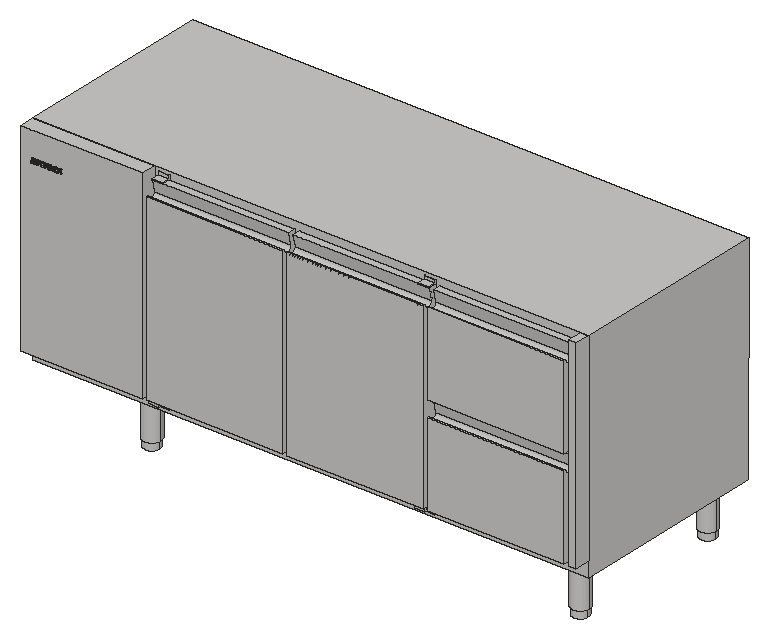
Revit family "QF_ALPENINOX_712201_AK3F7AAB", category Specialty Equipment, Revit 2018
Family settings
  Round Connector Dimension = Use Diameter
  Part Type = Normal
  Work Plane-Based = No
  Always vertical = Yes
  Cut with Voids When Loaded = No
  Shared = No
  Room Calculation Point = No
Parameters
  Weight = 0.00 kg
  Watts = 45.5225 W
  Volts = 220 V
  URL Manufacturer = "http://www.alpeninox.com"
  URL = "http://www.alpeninox.com"
  Steam Supply Size = 0 mm
  Steam Supply Minimum Pressure = 0.0 Pa
  Steam Supply Maximum Pressure = 0.0 Pa
  Steam Pounds per Hour = 0
  Refrigeration Suction Line Size = 0 mm
  Refrigeration Liquid Line Size = 0 mm
  Refrigerant Compressor Remote = yes
  Manufacturer = "Alpeninox"
  Phase = 1
  Model = "AK3F7AAB"
  Length Actual = 1795 mm  # constant formula
  Length = 1795 mm
  Item Number = "712201"
  Hot Water Size = 0 mm
  Height Actual = 850 mm  # constant formula
  Height = 700 mm
  HP = "0.7 HP"
  Gas Size = 0 mm
  Gas KW = 0
  Gas Input Pressure = 0 W
  Depth Actual = 700 mm  # constant formula
  Depth = 695 mm
  Description = "2 DOOR+2x½ DRAWER FREEZER TABLE -20C NO TOP"
  Cycle = 50 Hz
  Condensate Return Size = 0 mm
  Compressed Air Volume = 0.0 L/s
  Compressed Air Size = 0 mm
  Compressed Air Pressure = 0.0 Pa
  Cold Water Size = 0 mm
  Accessory = yes
Reference planes
  plane 1: z = 0
  plane 2 "Center (Left/Right)": x = -126.5
  plane 3 "Center (Front/Back)": y = 64.5
  plane 4 "FEET": z = 150
  plane 5 "TOP": z = 900
  plane 6 "PLAIN": z = 850
  plane 7 "EI_back": y = 359
  plane 8 "EI_left": x = -958
  plane 9 "BACK": y = 412
  plane 10 "FRONT": y = -283
  plane 11 "DOOR": y = -233
  plane 12 "LEFT": x = -1024
  plane 13 "RIGHT": x = 771
  plane 14: x = -999
  plane 15: x = 746
Forms (mm)
  Extrusion 1, solid, material "QF_Finishes_Stainless Steel"
    sketch origin (-1022.223, -1524, 150) x (-1, 0, 0) y (0, -1, 0)
      loop
        circle (-64.223, -1883) r 5
    from 0 to -40
  Extrusion 2, solid, material "QF_Finishes_Stainless Steel"
    sketch origin (-1022.223, -1524, 150) x (-1, 0, 0) y (0, -1, 0)
      loop
        line (-1768.223, -1291) -> (-1768.223, -1241) -> (-1793.223, -1241) -> (-1793.223, -1291) -> (-1768.223, -1291)
    from 48 to 700 <- "Height"
  Extrusion 3, solid, material "QF_Finishes_Stainless Steel"
    sketch origin (-1022.223, -1524, 150) x (-1, 0, 0) y (0, -1, 0)
      loop
        line (1.777, -1936) -> (1.777, -1291) -> (-1793.223, -1291) -> (-1793.223, -1936) -> (1.777, -1936)
    from 0 to 700 <- "Height"
Lines and regions (mm)
  symbolic lines, style "SpecialityEquipmentHiddenLines"
    curve 1: line (-1024, 412, 150) -> (771, 412, 150)
    curve 2: line (-1024, -283, 150) -> (-1024, 412, 150)
    curve 3: line (771, -283, 150) -> (-1024, -283, 150)
    curve 4: line (771, 412, 150) -> (771, -283, 150)
    curve 5: line (-1024, -233, 150) -> (771, -233, 150)
    curve 6: line (746, -283, 150) -> (746, -233, 150)
Dimensions and locks
  plane 4 "FEET" to level = 150 mm
  plane 11 "DOOR" to plane 10 "FRONT" = 50 mm
  "Height": plane 6 "PLAIN" to plane 4 "FEET"
  plane 5 "TOP" to plane 6 "PLAIN" = 50 mm
  plane 12 "LEFT" to plane 14 = 25 mm
  plane 15 to plane 13 "RIGHT" = 25 mm
  plane 9 "BACK" to plane 7 "EI_back" = 53 mm
  plane 12 "LEFT" to plane 8 "EI_left" = 66 mm
  "Length": plane 12 "LEFT" to plane 13 "RIGHT"
  equal spacing: plane 12 "LEFT", plane 2 "Center (Left/Right)", plane 13 "RIGHT"
  "Depth": plane 9 "BACK" to plane 10 "FRONT"
  equal spacing: plane 9 "BACK", plane 3 "Center (Front/Back)", plane 10 "FRONT"
  aligned and locked: level to plane 1
Automatic sketch dimensions
  Extrusion 1 sketch curve to plane 7 "EI_back" = 0 mm
  Extrusion 1 sketch curve to plane 8 "EI_left" = 0 mm
  Extrusion 2 sketch curve to plane 11 "DOOR" = 0 mm
  Extrusion 2 sketch curve to plane 13 "RIGHT" = 0 mm
  Extrusion 2 sketch curve to plane 10 "FRONT" = 0 mm
  Extrusion 2 sketch curve to plane 15 = 0 mm
  Extrusion 3 sketch curve to plane 9 "BACK" = 0 mm
  Extrusion 3 sketch curve to plane 13 "RIGHT" = 0 mm
  Extrusion 3 sketch curve to plane 11 "DOOR" = 0 mm
  Extrusion 3 sketch curve to plane 12 "LEFT" = 0 mm
  curve 1 to plane 13 "RIGHT" = 0 mm
  curve 6 to plane 10 "FRONT" = 0 mm
  curve 6 to plane 15 = 0 mm
  curve 5 to plane 12 "LEFT" = 0 mm
  curve 6 to plane 11 "DOOR" = 0 mm
  curve 1 to plane 9 "BACK" = 0 mm
  radius of Extrusion 1 sketch curve = 5 mm
Nested families
  nested 1: "Freezer" at (771, -283, 0), type "Freezer"
  nested 2: "FEET" at (-679, 331, 0), type "FEET"
  nested 3: "FEET" at (705, 331, 0), type "FEET"
  nested 4: "FEET" at (-679, -183, 0), type "FEET"
  nested 5: "FEET" at (705, -183, 0), type "FEET"
  nested 6: "APX_BI_BT_L" at (-817.08, -233, 598) x (1, 0, 0) z (0, -1, 0), type "APX_BI_BT_L"
    with Show Logo yes
  nested 7: "APX_SD_L" at (-396, -233, 512) x (1, 0, 0) z (0, -1, 0), type "APX_SD_L"
    with Show Clearance yes
  nested 8: "APX_SD_R" at (58, -233, 512) x (1, 0, 0) z (0, -1, 0), type "APX_SD_R"
    with Show Clearance yes
  nested 9: "APX_HALF" at (512, -233, 512) x (1, 0, 0) z (0, -1, 0), type "APX_HALF"
    with Show Clearance yes
Connectors
  electrical at (-958, 359, 110), driven by "Volts"
    settings: on Extrusion 1, index 1, voltage 220 V, apparent load 0 VA, apparent load phase1 0 VA, apparent load phase2 0 VA, apparent load phase3 0 VA, power factor 1, load classification "Other", number of poles 1, system type 31, power factor state 1, is connector primary yes, connector utility no, sub classification motor no, connector description "Electrical Connection"
Definition of nested family "FEET"
  Parameters
    FEET = 150 mm
  Reference planes
    plane 1 "Center (Front/Back)": y = 0
    plane 2: z = 0
    plane 3 "Center (Left/Right)": x = 0
    plane 4: z = 150
  Forms (mm)
    Revolve 1, solid
      sketch origin (255.05, 0, 608.09) x (0, 0, 1) y (-1, 0, 0)
        loop
          line (-608.09, 255.05) -> (-608.09, 230.05) -> (-583.09, 230.05) -> (-583.09, 226.05) -> (-458.09, 226.05) -> (-458.09, 255.05) -> (-608.09, 255.05)
        axis (-608.09, 255.05) -> (-458.09, 255.05)
      angle from 0 to 360
  Dimensions and locks
    locked: Revolve 1 sketch curve to Revolve 1 sketch curve at 125
    "FEET": plane 4 to plane 2
    aligned and locked: level to plane 2
    aligned and locked: plane 4 to Revolve 1 sketch curve
    aligned and locked: Revolve 1 sketch curve to level
    aligned and locked: plane 3 "Center (Left/Right)" to Revolve 1 sketch curve
  Automatic sketch dimensions
    Revolve 1 sketch curve to plane 3 "Center (Left/Right)" = 0 mm
    Revolve 1 sketch curve to Revolve 1 sketch curve = 25 mm
    Revolve 1 sketch curve to Revolve 1 sketch curve = 29 mm
    plane 4 to Revolve 1 sketch curve = 50 mm
    Revolve 1 sketch curve to Revolve 1 sketch curve = 20 mm
Definition of nested family "APX_BI_BT_L"
  Parameters
    Show Logo [instance] = yes
    Default Elevation = 1219.2 mm
  Reference planes
    plane 1 "Center (Front/Back)": y = -74
    plane 2: z = 0
    plane 3 "Center (Left/Right)": x = -9.92
    plane 4: x = -206.92
    plane 5: x = 187.08
    plane 6: y = 252
    plane 7: y = -400
  Forms (mm)
    Extrusion 1, solid
      sketch origin (0, 0, 0) x (1, 0, 0) y (0, 1, 0)
        loop
          line (-1219.2, 1219.2) -> (-1219.2, -1219.2) -> (1219.2, -1219.2) -> (1219.2, 1219.2) -> (-1219.2, 1219.2)
      from 0 to -304.8
    Extrusion 2, solid
      sketch origin (0, 0, 0) x (1, 0, 0) y (0, 1, 0)
        loop
          line (-206.92, 252) -> (-206.92, -400) -> (187.08, -400) -> (187.08, 252) -> (-206.92, 252)
      from 0 to 50
    Extrusion 3, solid, not visible
      sketch origin (0, 0, 0) x (1, 0, 0) y (0, 1, 0)
        loop
          line (-206.92, 252) -> (-206.92, -400) -> (87.08, -400) -> (87.08, 252) -> (-206.92, 252)
      from 0 to 50
    Extrusion 4, solid
      sketch origin (0, -0.336, 0) x (1, 0, 0) y (0, 1, 0)
        loop
          line (-168.675, 170.349) -> (-172.411, 160.318)
          arc (-172.411, 160.318) -> (-171.624, 158.497) -> (-169.837, 159.36) r 1.374
          line (-169.837, 159.36) -> (-169.268, 161.111) -> (-164.1, 161.111) -> (-163.54, 159.379)
          arc (-163.54, 159.379) -> (-161.802, 158.542) -> (-161.049, 160.318) r 1.333
          line (-161.049, 160.318) -> (-164.694, 170.349)
          arc (-164.694, 170.349) -> (-166.685, 171.876) -> (-168.675, 170.349) r 2.06
        loop
          line (-166.681, 169.055) -> (-168.469, 163.655) -> (-164.935, 163.655) -> (-166.681, 169.055)
        loop
          arc (-159.705, 160.042) -> (-159.262, 158.973) -> (-158.194, 158.531) r 1.512
          line (-158.194, 158.531) -> (-153.608, 158.531)
          arc (-153.608, 158.531) -> (-152.337, 159.802) -> (-153.608, 161.074) r 1.272
          line (-153.608, 161.074) -> (-156.917, 161.074) -> (-156.917, 170.328)
          arc (-156.917, 170.328) -> (-158.311, 171.722) -> (-159.705, 170.328) r 1.394
          line (-159.705, 170.328) -> (-159.705, 160.042)
        loop
          line (-151.076, 170.218) -> (-151.076, 159.859)
          arc (-151.076, 159.859) -> (-149.683, 158.466) -> (-148.29, 159.859) r 1.393
          line (-148.29, 159.859) -> (-148.29, 162.882) -> (-146.225, 162.882)
          arc (-146.225, 162.882) -> (-142.999, 163.859) -> (-141.608, 166.928) r 4.082
          arc (-141.608, 166.928) -> (-142.993, 170.272) -> (-146.336, 171.657) r 4.728
          line (-146.336, 171.657) -> (-149.638, 171.657)
          arc (-149.638, 171.657) -> (-150.655, 171.235) -> (-151.076, 170.218) r 1.439
        loop
          line (-148.29, 165.313) -> (-146.388, 165.313)
          arc (-146.388, 165.313) -> (-144.433, 167.268) -> (-146.388, 169.222) r 1.955
          line (-146.388, 169.222) -> (-148.29, 169.222) -> (-148.29, 165.313)
        loop
          arc (-131.184, 166.332) -> (-132.004, 168.2) -> (-133.767, 169.228) r 3.3
          arc (-133.767, 169.228) -> (-136.353, 168.661) -> (-137.611, 166.332) r 3.176
          line (-137.611, 166.332) -> (-131.184, 166.332)
        loop
          line (-137.538, 163.743) -> (-130.544, 163.743)
          arc (-130.544, 163.743) -> (-129.292, 163.916) -> (-128.301, 164.701) r 2.4
          arc (-128.301, 164.701) -> (-128.155, 165.545) -> (-128.212, 166.399) r 3.635
          arc (-128.212, 166.399) -> (-130.364, 170.162) -> (-134.39, 171.769) r 6.579
          arc (-134.39, 171.769) -> (-138.918, 169.706) -> (-140.661, 165.044) r 6.501
          arc (-140.661, 165.044) -> (-139.276, 160.789) -> (-135.401, 158.549) r 6.252
          arc (-135.401, 158.549) -> (-132.922, 158.526) -> (-130.544, 159.232) r 8.361
          arc (-130.544, 159.232) -> (-129.466, 159.781) -> (-128.641, 160.666) r 3.486
          arc (-128.641, 160.666) -> (-128.419, 161.592) -> (-128.828, 162.451) r 1.425
          arc (-128.828, 162.451) -> (-129.368, 162.762) -> (-129.99, 162.762) r 1.203
          arc (-129.99, 162.762) -> (-130.406, 162.59) -> (-130.764, 162.316) r 1.724
          arc (-130.764, 162.316) -> (-131.666, 161.705) -> (-132.646, 161.229) r 7.6
          arc (-132.646, 161.229) -> (-135.676, 161.35) -> (-137.538, 163.743) r 3.6
        loop
          line (-126.669, 170.328) -> (-126.669, 159.859)
          arc (-126.669, 159.859) -> (-125.273, 158.463) -> (-123.878, 159.859) r 1.396
          line (-123.878, 159.859) -> (-123.878, 166.785) -> (-117.946, 159.029)
          arc (-117.946, 159.029) -> (-116.361, 158.51) -> (-115.379, 159.859) r 1.417
          line (-115.379, 159.859) -> (-115.379, 170.328)
          arc (-115.379, 170.328) -> (-116.774, 171.723) -> (-118.169, 170.328) r 1.395
          line (-118.169, 170.328) -> (-118.169, 163.311) -> (-124.101, 171.157)
          arc (-124.101, 171.157) -> (-125.687, 171.678) -> (-126.669, 170.328) r 1.418
        loop
          arc (-113.636, 159.859) -> (-112.241, 158.464) -> (-110.847, 159.859) r 1.394
          line (-110.847, 159.859) -> (-110.847, 170.328)
          arc (-110.847, 170.328) -> (-112.241, 171.723) -> (-113.636, 170.328) r 1.394
          line (-113.636, 170.328) -> (-113.636, 159.859)
        loop
          line (-109.102, 170.328) -> (-109.102, 159.859)
          arc (-109.102, 159.859) -> (-107.706, 158.463) -> (-106.31, 159.859) r 1.396
          line (-106.31, 159.859) -> (-106.31, 166.785) -> (-100.378, 159.029)
          arc (-100.378, 159.029) -> (-98.793, 158.51) -> (-97.812, 159.859) r 1.417
          line (-97.812, 159.859) -> (-97.812, 170.328)
          arc (-97.812, 170.328) -> (-99.207, 171.723) -> (-100.602, 170.328) r 1.395
          line (-100.602, 170.328) -> (-100.602, 163.311) -> (-106.533, 171.157)
          arc (-106.533, 171.157) -> (-108.119, 171.678) -> (-109.102, 170.328) r 1.418
        loop
          arc (-96.345, 165.093) -> (-95.619, 161.877) -> (-93.467, 159.379) r 6.806
          arc (-93.467, 159.379) -> (-91.792, 158.566) -> (-89.948, 158.31) r 5.956
          arc (-89.948, 158.31) -> (-88.104, 158.566) -> (-86.43, 159.379) r 5.956
          arc (-86.43, 159.379) -> (-84.277, 161.877) -> (-83.551, 165.093) r 6.806
          arc (-83.551, 165.093) -> (-84.277, 168.31) -> (-86.43, 170.808) r 6.806
          arc (-86.43, 170.808) -> (-88.104, 171.621) -> (-89.948, 171.877) r 5.956
          arc (-89.948, 171.877) -> (-91.792, 171.621) -> (-93.467, 170.808) r 5.956
          arc (-93.467, 170.808) -> (-95.619, 168.31) -> (-96.345, 165.093) r 6.806
        loop
          arc (-93.425, 165.093) -> (-93.138, 163.212) -> (-92.081, 161.629) r 4.387
          arc (-92.081, 161.629) -> (-91.087, 161.049) -> (-89.948, 160.881) r 3.035
          arc (-89.948, 160.881) -> (-88.809, 161.049) -> (-87.815, 161.629) r 3.035
          arc (-87.815, 161.629) -> (-86.759, 163.212) -> (-86.472, 165.093) r 4.387
          arc (-86.472, 165.093) -> (-86.759, 166.975) -> (-87.815, 168.558) r 4.387
          arc (-87.815, 168.558) -> (-88.809, 169.138) -> (-89.948, 169.306) r 3.035
          arc (-89.948, 169.306) -> (-91.087, 169.138) -> (-92.081, 168.558) r 3.035
          arc (-92.081, 168.558) -> (-93.138, 166.975) -> (-93.425, 165.093) r 4.387
        loop
          line (-83.139, 169.609) -> (-80.126, 165.552) -> (-83.81, 160.652)
          arc (-83.81, 160.652) -> (-83.512, 158.692) -> (-81.559, 159.029) r 1.388
          line (-81.559, 159.029) -> (-78.51, 163.232) -> (-75.461, 159.029)
          arc (-75.461, 159.029) -> (-73.507, 158.692) -> (-73.21, 160.652) r 1.388
          line (-73.21, 160.652) -> (-76.894, 165.552) -> (-73.881, 169.609)
          arc (-73.881, 169.609) -> (-74.249, 171.597) -> (-76.205, 171.084) r 1.38
          line (-76.205, 171.084) -> (-78.51, 167.841) -> (-80.815, 171.084)
          arc (-80.815, 171.084) -> (-82.771, 171.597) -> (-83.139, 169.609) r 1.38
      from 50 to 51.6
  Lines and regions (mm)
    Split face 1
      outline origin (-138, 0, 50) x (1, 0, 0) y (0, 1, 0)
        loop
          line (94.58, 177) -> (94.58, 154) -> (164.58, 154) -> (164.58, 177) -> (94.58, 177)
    Split face 2
      outline origin (-138, 0, 50) x (1, 0, 0) y (0, 1, 0)
        loop
          line (144.58, 174) -> (144.58, 157) -> (161.58, 157) -> (161.58, 174) -> (144.58, 174)
    Split face 3
      outline origin (0, 0, 50) x (1, 0, 0) y (0, 1, 0)
        loop
          line (-206.92, 188) -> (187.08, 188)
    Split face 4
      outline origin (-5, 0, 50) x (1, 0, 0) y (0, 1, 0)
        loop
          arc (-163.464, 131.824) -> (-167.464, 127.824) -> (-163.464, 123.824) r 4
          line (-163.464, 123.824) -> (-121.464, 123.824)
          arc (-121.464, 123.824) -> (-117.464, 127.824) -> (-121.464, 131.824) r 4
          line (-121.464, 131.824) -> (-163.464, 131.824)
    Split face 5
      outline origin (325, 0, 50) x (1, 0, 0) y (0, 1, 0)
        loop
          arc (-328.464, 131.824) -> (-332.464, 127.824) -> (-328.464, 123.824) r 4
          line (-328.464, 123.824) -> (-286.464, 123.824)
          arc (-286.464, 123.824) -> (-282.464, 127.824) -> (-286.464, 131.824) r 4
          line (-286.464, 131.824) -> (-328.464, 131.824)
    Split face 6
      outline origin (105, 0, 50) x (1, 0, 0) y (0, 1, 0)
        loop
          arc (-218.464, 131.824) -> (-222.464, 127.824) -> (-218.464, 123.824) r 4
          line (-218.464, 123.824) -> (-176.464, 123.824)
          arc (-176.464, 123.824) -> (-172.464, 127.824) -> (-176.464, 131.824) r 4
          line (-176.464, 131.824) -> (-218.464, 131.824)
    Split face 7
      outline origin (215, 0, 50) x (1, 0, 0) y (0, 1, 0)
        loop
          arc (-273.464, 131.824) -> (-277.464, 127.824) -> (-273.464, 123.824) r 4
          line (-273.464, 123.824) -> (-231.464, 123.824)
          arc (-231.464, 123.824) -> (-227.464, 127.824) -> (-231.464, 131.824) r 4
          line (-231.464, 131.824) -> (-273.464, 131.824)
    Split face 8, not visible
      outline origin (0, 0, 50) x (1, 0, 0) y (0, 1, 0)
        loop
          arc (-163.464, 131.824) -> (-167.464, 127.824) -> (-163.464, 123.824) r 4
          line (-163.464, 123.824) -> (-121.464, 123.824)
          arc (-121.464, 123.824) -> (-117.464, 127.824) -> (-121.464, 131.824) r 4
          line (-121.464, 131.824) -> (-163.464, 131.824)
    Split face 9
      outline origin (-5, -24, 50) x (1, 0, 0) y (0, 1, 0)
        loop
          arc (-163.464, 143.824) -> (-167.464, 139.824) -> (-163.464, 135.824) r 4
          line (-163.464, 135.824) -> (-121.464, 135.824)
          arc (-121.464, 135.824) -> (-117.464, 139.824) -> (-121.464, 143.824) r 4
          line (-121.464, 143.824) -> (-163.464, 143.824)
    Split face 10
      outline origin (325, -24, 50) x (1, 0, 0) y (0, 1, 0)
        loop
          arc (-328.464, 143.824) -> (-332.464, 139.824) -> (-328.464, 135.824) r 4
          line (-328.464, 135.824) -> (-286.464, 135.824)
          arc (-286.464, 135.824) -> (-282.464, 139.824) -> (-286.464, 143.824) r 4
          line (-286.464, 143.824) -> (-328.464, 143.824)
    Split face 11
      outline origin (105, -24, 50) x (1, 0, 0) y (0, 1, 0)
        loop
          arc (-218.464, 143.824) -> (-222.464, 139.824) -> (-218.464, 135.824) r 4
          line (-218.464, 135.824) -> (-176.464, 135.824)
          arc (-176.464, 135.824) -> (-172.464, 139.824) -> (-176.464, 143.824) r 4
          line (-176.464, 143.824) -> (-218.464, 143.824)
    Split face 12
      outline origin (215, -24, 50) x (1, 0, 0) y (0, 1, 0)
        loop
          arc (-273.464, 143.824) -> (-277.464, 139.824) -> (-273.464, 135.824) r 4
          line (-273.464, 135.824) -> (-231.464, 135.824)
          arc (-231.464, 135.824) -> (-227.464, 139.824) -> (-231.464, 143.824) r 4
          line (-231.464, 143.824) -> (-273.464, 143.824)
    Split face 13
      outline origin (-5, -48, 50) x (1, 0, 0) y (0, 1, 0)
        loop
          arc (-163.464, 155.824) -> (-167.464, 151.824) -> (-163.464, 147.824) r 4
          line (-163.464, 147.824) -> (-121.464, 147.824)
          arc (-121.464, 147.824) -> (-117.464, 151.824) -> (-121.464, 155.824) r 4
          line (-121.464, 155.824) -> (-163.464, 155.824)
    Split face 14
      outline origin (325, -48, 50) x (1, 0, 0) y (0, 1, 0)
        loop
          arc (-328.464, 155.824) -> (-332.464, 151.824) -> (-328.464, 147.824) r 4
          line (-328.464, 147.824) -> (-286.464, 147.824)
          arc (-286.464, 147.824) -> (-282.464, 151.824) -> (-286.464, 155.824) r 4
          line (-286.464, 155.824) -> (-328.464, 155.824)
    Split face 15
      outline origin (105, -48, 50) x (1, 0, 0) y (0, 1, 0)
        loop
          arc (-218.464, 155.824) -> (-222.464, 151.824) -> (-218.464, 147.824) r 4
          line (-218.464, 147.824) -> (-176.464, 147.824)
          arc (-176.464, 147.824) -> (-172.464, 151.824) -> (-176.464, 155.824) r 4
          line (-176.464, 155.824) -> (-218.464, 155.824)
    Split face 16
      outline origin (215, -48, 50) x (1, 0, 0) y (0, 1, 0)
        loop
          arc (-273.464, 155.824) -> (-277.464, 151.824) -> (-273.464, 147.824) r 4
          line (-273.464, 147.824) -> (-231.464, 147.824)
          arc (-231.464, 147.824) -> (-227.464, 151.824) -> (-231.464, 155.824) r 4
          line (-231.464, 155.824) -> (-273.464, 155.824)
    Split face 17
      outline origin (-5, -72, 50) x (1, 0, 0) y (0, 1, 0)
        loop
          arc (-163.464, 167.824) -> (-167.464, 163.824) -> (-163.464, 159.824) r 4
          line (-163.464, 159.824) -> (-121.464, 159.824)
          arc (-121.464, 159.824) -> (-117.464, 163.824) -> (-121.464, 167.824) r 4
          line (-121.464, 167.824) -> (-163.464, 167.824)
    Split face 18
      outline origin (325, -72, 50) x (1, 0, 0) y (0, 1, 0)
        loop
          arc (-328.464, 167.824) -> (-332.464, 163.824) -> (-328.464, 159.824) r 4
          line (-328.464, 159.824) -> (-286.464, 159.824)
          arc (-286.464, 159.824) -> (-282.464, 163.824) -> (-286.464, 167.824) r 4
          line (-286.464, 167.824) -> (-328.464, 167.824)
    Split face 19
      outline origin (105, -72, 50) x (1, 0, 0) y (0, 1, 0)
        loop
          arc (-218.464, 167.824) -> (-222.464, 163.824) -> (-218.464, 159.824) r 4
          line (-218.464, 159.824) -> (-176.464, 159.824)
          arc (-176.464, 159.824) -> (-172.464, 163.824) -> (-176.464, 167.824) r 4
          line (-176.464, 167.824) -> (-218.464, 167.824)
    Split face 20
      outline origin (215, -72, 50) x (1, 0, 0) y (0, 1, 0)
        loop
          arc (-273.464, 167.824) -> (-277.464, 163.824) -> (-273.464, 159.824) r 4
          line (-273.464, 159.824) -> (-231.464, 159.824)
          arc (-231.464, 159.824) -> (-227.464, 163.824) -> (-231.464, 167.824) r 4
          line (-231.464, 167.824) -> (-273.464, 167.824)
    Split face 21
      outline origin (-5, -96, 50) x (1, 0, 0) y (0, 1, 0)
        loop
          arc (-163.464, 179.824) -> (-167.464, 175.824) -> (-163.464, 171.824) r 4
          line (-163.464, 171.824) -> (-121.464, 171.824)
          arc (-121.464, 171.824) -> (-117.464, 175.824) -> (-121.464, 179.824) r 4
          line (-121.464, 179.824) -> (-163.464, 179.824)
    Split face 22
      outline origin (325, -96, 50) x (1, 0, 0) y (0, 1, 0)
        loop
          arc (-328.464, 179.824) -> (-332.464, 175.824) -> (-328.464, 171.824) r 4
          line (-328.464, 171.824) -> (-286.464, 171.824)
          arc (-286.464, 171.824) -> (-282.464, 175.824) -> (-286.464, 179.824) r 4
          line (-286.464, 179.824) -> (-328.464, 179.824)
    Split face 23
      outline origin (105, -96, 50) x (1, 0, 0) y (0, 1, 0)
        loop
          arc (-218.464, 179.824) -> (-222.464, 175.824) -> (-218.464, 171.824) r 4
          line (-218.464, 171.824) -> (-176.464, 171.824)
          arc (-176.464, 171.824) -> (-172.464, 175.824) -> (-176.464, 179.824) r 4
          line (-176.464, 179.824) -> (-218.464, 179.824)
    Split face 24
      outline origin (215, -96, 50) x (1, 0, 0) y (0, 1, 0)
        loop
          arc (-273.464, 179.824) -> (-277.464, 175.824) -> (-273.464, 171.824) r 4
          line (-273.464, 171.824) -> (-231.464, 171.824)
          arc (-231.464, 171.824) -> (-227.464, 175.824) -> (-231.464, 179.824) r 4
          line (-231.464, 179.824) -> (-273.464, 179.824)
    Split face 25
      outline origin (-5, -120, 50) x (1, 0, 0) y (0, 1, 0)
        loop
          arc (-163.464, 191.824) -> (-167.464, 187.824) -> (-163.464, 183.824) r 4
          line (-163.464, 183.824) -> (-121.464, 183.824)
          arc (-121.464, 183.824) -> (-117.464, 187.824) -> (-121.464, 191.824) r 4
          line (-121.464, 191.824) -> (-163.464, 191.824)
    Split face 26
      outline origin (325, -120, 50) x (1, 0, 0) y (0, 1, 0)
        loop
          arc (-328.464, 191.824) -> (-332.464, 187.824) -> (-328.464, 183.824) r 4
          line (-328.464, 183.824) -> (-286.464, 183.824)
          arc (-286.464, 183.824) -> (-282.464, 187.824) -> (-286.464, 191.824) r 4
          line (-286.464, 191.824) -> (-328.464, 191.824)
    Split face 27
      outline origin (105, -120, 50) x (1, 0, 0) y (0, 1, 0)
        loop
          arc (-218.464, 191.824) -> (-222.464, 187.824) -> (-218.464, 183.824) r 4
          line (-218.464, 183.824) -> (-176.464, 183.824)
          arc (-176.464, 183.824) -> (-172.464, 187.824) -> (-176.464, 191.824) r 4
          line (-176.464, 191.824) -> (-218.464, 191.824)
    Split face 28
      outline origin (215, -120, 50) x (1, 0, 0) y (0, 1, 0)
        loop
          arc (-273.464, 191.824) -> (-277.464, 187.824) -> (-273.464, 183.824) r 4
          line (-273.464, 183.824) -> (-231.464, 183.824)
          arc (-231.464, 183.824) -> (-227.464, 187.824) -> (-231.464, 191.824) r 4
          line (-231.464, 191.824) -> (-273.464, 191.824)
    Split face 29
      outline origin (-5, -144, 50) x (1, 0, 0) y (0, 1, 0)
        loop
          arc (-163.464, 203.824) -> (-167.464, 199.824) -> (-163.464, 195.824) r 4
          line (-163.464, 195.824) -> (-121.464, 195.824)
          arc (-121.464, 195.824) -> (-117.464, 199.824) -> (-121.464, 203.824) r 4
          line (-121.464, 203.824) -> (-163.464, 203.824)
    Split face 30
      outline origin (325, -144, 50) x (1, 0, 0) y (0, 1, 0)
        loop
          arc (-328.464, 203.824) -> (-332.464, 199.824) -> (-328.464, 195.824) r 4
          line (-328.464, 195.824) -> (-286.464, 195.824)
          arc (-286.464, 195.824) -> (-282.464, 199.824) -> (-286.464, 203.824) r 4
          line (-286.464, 203.824) -> (-328.464, 203.824)
    Split face 31
      outline origin (105, -144, 50) x (1, 0, 0) y (0, 1, 0)
        loop
          arc (-218.464, 203.824) -> (-222.464, 199.824) -> (-218.464, 195.824) r 4
          line (-218.464, 195.824) -> (-176.464, 195.824)
          arc (-176.464, 195.824) -> (-172.464, 199.824) -> (-176.464, 203.824) r 4
          line (-176.464, 203.824) -> (-218.464, 203.824)
    Split face 32
      outline origin (215, -144, 50) x (1, 0, 0) y (0, 1, 0)
        loop
          arc (-273.464, 203.824) -> (-277.464, 199.824) -> (-273.464, 195.824) r 4
          line (-273.464, 195.824) -> (-231.464, 195.824)
          arc (-231.464, 195.824) -> (-227.464, 199.824) -> (-231.464, 203.824) r 4
          line (-231.464, 203.824) -> (-273.464, 203.824)
    Split face 33
      outline origin (-5, -168, 50) x (1, 0, 0) y (0, 1, 0)
        loop
          arc (-163.464, 215.824) -> (-167.464, 211.824) -> (-163.464, 207.824) r 4
          line (-163.464, 207.824) -> (-121.464, 207.824)
          arc (-121.464, 207.824) -> (-117.464, 211.824) -> (-121.464, 215.824) r 4
          line (-121.464, 215.824) -> (-163.464, 215.824)
    Split face 34
      outline origin (325, -168, 50) x (1, 0, 0) y (0, 1, 0)
        loop
          arc (-328.464, 215.824) -> (-332.464, 211.824) -> (-328.464, 207.824) r 4
          line (-328.464, 207.824) -> (-286.464, 207.824)
          arc (-286.464, 207.824) -> (-282.464, 211.824) -> (-286.464, 215.824) r 4
          line (-286.464, 215.824) -> (-328.464, 215.824)
    Split face 35
      outline origin (105, -168, 50) x (1, 0, 0) y (0, 1, 0)
        loop
          arc (-218.464, 215.824) -> (-222.464, 211.824) -> (-218.464, 207.824) r 4
          line (-218.464, 207.824) -> (-176.464, 207.824)
          arc (-176.464, 207.824) -> (-172.464, 211.824) -> (-176.464, 215.824) r 4
          line (-176.464, 215.824) -> (-218.464, 215.824)
    Split face 36
      outline origin (215, -168, 50) x (1, 0, 0) y (0, 1, 0)
        loop
          arc (-273.464, 215.824) -> (-277.464, 211.824) -> (-273.464, 207.824) r 4
          line (-273.464, 207.824) -> (-231.464, 207.824)
          arc (-231.464, 207.824) -> (-227.464, 211.824) -> (-231.464, 215.824) r 4
          line (-231.464, 215.824) -> (-273.464, 215.824)
    Split face 37
      outline origin (-5, -192, 50) x (1, 0, 0) y (0, 1, 0)
        loop
          arc (-163.464, 227.824) -> (-167.464, 223.824) -> (-163.464, 219.824) r 4
          line (-163.464, 219.824) -> (-121.464, 219.824)
          arc (-121.464, 219.824) -> (-117.464, 223.824) -> (-121.464, 227.824) r 4
          line (-121.464, 227.824) -> (-163.464, 227.824)
    Split face 38
      outline origin (325, -192, 50) x (1, 0, 0) y (0, 1, 0)
        loop
          arc (-328.464, 227.824) -> (-332.464, 223.824) -> (-328.464, 219.824) r 4
          line (-328.464, 219.824) -> (-286.464, 219.824)
          arc (-286.464, 219.824) -> (-282.464, 223.824) -> (-286.464, 227.824) r 4
          line (-286.464, 227.824) -> (-328.464, 227.824)
    Split face 39
      outline origin (105, -192, 50) x (1, 0, 0) y (0, 1, 0)
        loop
          arc (-218.464, 227.824) -> (-222.464, 223.824) -> (-218.464, 219.824) r 4
          line (-218.464, 219.824) -> (-176.464, 219.824)
          arc (-176.464, 219.824) -> (-172.464, 223.824) -> (-176.464, 227.824) r 4
          line (-176.464, 227.824) -> (-218.464, 227.824)
    Split face 40
      outline origin (215, -192, 50) x (1, 0, 0) y (0, 1, 0)
        loop
          arc (-273.464, 227.824) -> (-277.464, 223.824) -> (-273.464, 219.824) r 4
          line (-273.464, 219.824) -> (-231.464, 219.824)
          arc (-231.464, 219.824) -> (-227.464, 223.824) -> (-231.464, 227.824) r 4
          line (-231.464, 227.824) -> (-273.464, 227.824)
    Split face 41
      outline origin (-5, -216, 50) x (1, 0, 0) y (0, 1, 0)
        loop
          arc (-163.464, 239.824) -> (-167.464, 235.824) -> (-163.464, 231.824) r 4
          line (-163.464, 231.824) -> (-121.464, 231.824)
          arc (-121.464, 231.824) -> (-117.464, 235.824) -> (-121.464, 239.824) r 4
          line (-121.464, 239.824) -> (-163.464, 239.824)
    Split face 42
      outline origin (325, -216, 50) x (1, 0, 0) y (0, 1, 0)
        loop
          arc (-328.464, 239.824) -> (-332.464, 235.824) -> (-328.464, 231.824) r 4
          line (-328.464, 231.824) -> (-286.464, 231.824)
          arc (-286.464, 231.824) -> (-282.464, 235.824) -> (-286.464, 239.824) r 4
          line (-286.464, 239.824) -> (-328.464, 239.824)
    Split face 43
      outline origin (105, -216, 50) x (1, 0, 0) y (0, 1, 0)
        loop
          arc (-218.464, 239.824) -> (-222.464, 235.824) -> (-218.464, 231.824) r 4
          line (-218.464, 231.824) -> (-176.464, 231.824)
          arc (-176.464, 231.824) -> (-172.464, 235.824) -> (-176.464, 239.824) r 4
          line (-176.464, 239.824) -> (-218.464, 239.824)
    Split face 44
      outline origin (215, -216, 50) x (1, 0, 0) y (0, 1, 0)
        loop
          arc (-273.464, 239.824) -> (-277.464, 235.824) -> (-273.464, 231.824) r 4
          line (-273.464, 231.824) -> (-231.464, 231.824)
          arc (-231.464, 231.824) -> (-227.464, 235.824) -> (-231.464, 239.824) r 4
          line (-231.464, 239.824) -> (-273.464, 239.824)
    Split face 45
      outline origin (-5, -240, 50) x (1, 0, 0) y (0, 1, 0)
        loop
          arc (-163.464, 251.824) -> (-167.464, 247.824) -> (-163.464, 243.824) r 4
          line (-163.464, 243.824) -> (-121.464, 243.824)
          arc (-121.464, 243.824) -> (-117.464, 247.824) -> (-121.464, 251.824) r 4
          line (-121.464, 251.824) -> (-163.464, 251.824)
    Split face 46
      outline origin (325, -240, 50) x (1, 0, 0) y (0, 1, 0)
        loop
          arc (-328.464, 251.824) -> (-332.464, 247.824) -> (-328.464, 243.824) r 4
          line (-328.464, 243.824) -> (-286.464, 243.824)
          arc (-286.464, 243.824) -> (-282.464, 247.824) -> (-286.464, 251.824) r 4
          line (-286.464, 251.824) -> (-328.464, 251.824)
    Split face 47
      outline origin (105, -240, 50) x (1, 0, 0) y (0, 1, 0)
        loop
          arc (-218.464, 251.824) -> (-222.464, 247.824) -> (-218.464, 243.824) r 4
          line (-218.464, 243.824) -> (-176.464, 243.824)
          arc (-176.464, 243.824) -> (-172.464, 247.824) -> (-176.464, 251.824) r 4
          line (-176.464, 251.824) -> (-218.464, 251.824)
    Split face 48
      outline origin (215, -240, 50) x (1, 0, 0) y (0, 1, 0)
        loop
          arc (-273.464, 251.824) -> (-277.464, 247.824) -> (-273.464, 243.824) r 4
          line (-273.464, 243.824) -> (-231.464, 243.824)
          arc (-231.464, 243.824) -> (-227.464, 247.824) -> (-231.464, 251.824) r 4
          line (-231.464, 251.824) -> (-273.464, 251.824)
    Split face 49
      outline origin (-5, -264, 50) x (1, 0, 0) y (0, 1, 0)
        loop
          arc (-163.464, 263.824) -> (-167.464, 259.824) -> (-163.464, 255.824) r 4
          line (-163.464, 255.824) -> (-121.464, 255.824)
          arc (-121.464, 255.824) -> (-117.464, 259.824) -> (-121.464, 263.824) r 4
          line (-121.464, 263.824) -> (-163.464, 263.824)
    Split face 50
      outline origin (325, -264, 50) x (1, 0, 0) y (0, 1, 0)
        loop
          arc (-328.464, 263.824) -> (-332.464, 259.824) -> (-328.464, 255.824) r 4
          line (-328.464, 255.824) -> (-286.464, 255.824)
          arc (-286.464, 255.824) -> (-282.464, 259.824) -> (-286.464, 263.824) r 4
          line (-286.464, 263.824) -> (-328.464, 263.824)
    Split face 51
      outline origin (105, -264, 50) x (1, 0, 0) y (0, 1, 0)
        loop
          arc (-218.464, 263.824) -> (-222.464, 259.824) -> (-218.464, 255.824) r 4
          line (-218.464, 255.824) -> (-176.464, 255.824)
          arc (-176.464, 255.824) -> (-172.464, 259.824) -> (-176.464, 263.824) r 4
          line (-176.464, 263.824) -> (-218.464, 263.824)
    Split face 52
      outline origin (215, -264, 50) x (1, 0, 0) y (0, 1, 0)
        loop
          arc (-273.464, 263.824) -> (-277.464, 259.824) -> (-273.464, 255.824) r 4
          line (-273.464, 255.824) -> (-231.464, 255.824)
          arc (-231.464, 255.824) -> (-227.464, 259.824) -> (-231.464, 263.824) r 4
          line (-231.464, 263.824) -> (-273.464, 263.824)
    Split face 53
      outline origin (-5, -288, 50) x (1, 0, 0) y (0, 1, 0)
        loop
          arc (-163.464, 275.824) -> (-167.464, 271.824) -> (-163.464, 267.824) r 4
          line (-163.464, 267.824) -> (-121.464, 267.824)
          arc (-121.464, 267.824) -> (-117.464, 271.824) -> (-121.464, 275.824) r 4
          line (-121.464, 275.824) -> (-163.464, 275.824)
    Split face 54
      outline origin (325, -288, 50) x (1, 0, 0) y (0, 1, 0)
        loop
          arc (-328.464, 275.824) -> (-332.464, 271.824) -> (-328.464, 267.824) r 4
          line (-328.464, 267.824) -> (-286.464, 267.824)
          arc (-286.464, 267.824) -> (-282.464, 271.824) -> (-286.464, 275.824) r 4
          line (-286.464, 275.824) -> (-328.464, 275.824)
    Split face 55
      outline origin (105, -288, 50) x (1, 0, 0) y (0, 1, 0)
        loop
          arc (-218.464, 275.824) -> (-222.464, 271.824) -> (-218.464, 267.824) r 4
          line (-218.464, 267.824) -> (-176.464, 267.824)
          arc (-176.464, 267.824) -> (-172.464, 271.824) -> (-176.464, 275.824) r 4
          line (-176.464, 275.824) -> (-218.464, 275.824)
    Split face 56
      outline origin (215, -288, 50) x (1, 0, 0) y (0, 1, 0)
        loop
          arc (-273.464, 275.824) -> (-277.464, 271.824) -> (-273.464, 267.824) r 4
          line (-273.464, 267.824) -> (-231.464, 267.824)
          arc (-231.464, 267.824) -> (-227.464, 271.824) -> (-231.464, 275.824) r 4
          line (-231.464, 275.824) -> (-273.464, 275.824)
    Split face 57
      outline origin (-5, -312, 50) x (1, 0, 0) y (0, 1, 0)
        loop
          arc (-163.464, 287.824) -> (-167.464, 283.824) -> (-163.464, 279.824) r 4
          line (-163.464, 279.824) -> (-121.464, 279.824)
          arc (-121.464, 279.824) -> (-117.464, 283.824) -> (-121.464, 287.824) r 4
          line (-121.464, 287.824) -> (-163.464, 287.824)
    Split face 58
      outline origin (325, -312, 50) x (1, 0, 0) y (0, 1, 0)
        loop
          arc (-328.464, 287.824) -> (-332.464, 283.824) -> (-328.464, 279.824) r 4
          line (-328.464, 279.824) -> (-286.464, 279.824)
          arc (-286.464, 279.824) -> (-282.464, 283.824) -> (-286.464, 287.824) r 4
          line (-286.464, 287.824) -> (-328.464, 287.824)
    Split face 59
      outline origin (105, -312, 50) x (1, 0, 0) y (0, 1, 0)
        loop
          arc (-218.464, 287.824) -> (-222.464, 283.824) -> (-218.464, 279.824) r 4
          line (-218.464, 279.824) -> (-176.464, 279.824)
          arc (-176.464, 279.824) -> (-172.464, 283.824) -> (-176.464, 287.824) r 4
          line (-176.464, 287.824) -> (-218.464, 287.824)
    Split face 60
      outline origin (215, -312, 50) x (1, 0, 0) y (0, 1, 0)
        loop
          arc (-273.464, 287.824) -> (-277.464, 283.824) -> (-273.464, 279.824) r 4
          line (-273.464, 279.824) -> (-231.464, 279.824)
          arc (-231.464, 279.824) -> (-227.464, 283.824) -> (-231.464, 287.824) r 4
          line (-231.464, 287.824) -> (-273.464, 287.824)
    Split face 61
      outline origin (-5, -336, 50) x (1, 0, 0) y (0, 1, 0)
        loop
          arc (-163.464, 299.824) -> (-167.464, 295.824) -> (-163.464, 291.824) r 4
          line (-163.464, 291.824) -> (-121.464, 291.824)
          arc (-121.464, 291.824) -> (-117.464, 295.824) -> (-121.464, 299.824) r 4
          line (-121.464, 299.824) -> (-163.464, 299.824)
    Split face 62
      outline origin (325, -336, 50) x (1, 0, 0) y (0, 1, 0)
        loop
          arc (-328.464, 299.824) -> (-332.464, 295.824) -> (-328.464, 291.824) r 4
          line (-328.464, 291.824) -> (-286.464, 291.824)
          arc (-286.464, 291.824) -> (-282.464, 295.824) -> (-286.464, 299.824) r 4
          line (-286.464, 299.824) -> (-328.464, 299.824)
    Split face 63
      outline origin (105, -336, 50) x (1, 0, 0) y (0, 1, 0)
        loop
          arc (-218.464, 299.824) -> (-222.464, 295.824) -> (-218.464, 291.824) r 4
          line (-218.464, 291.824) -> (-176.464, 291.824)
          arc (-176.464, 291.824) -> (-172.464, 295.824) -> (-176.464, 299.824) r 4
          line (-176.464, 299.824) -> (-218.464, 299.824)
    Split face 64
      outline origin (215, -336, 50) x (1, 0, 0) y (0, 1, 0)
        loop
          arc (-273.464, 299.824) -> (-277.464, 295.824) -> (-273.464, 291.824) r 4
          line (-273.464, 291.824) -> (-231.464, 291.824)
          arc (-231.464, 291.824) -> (-227.464, 295.824) -> (-231.464, 299.824) r 4
          line (-231.464, 299.824) -> (-273.464, 299.824)
    Split face 65
      outline origin (-5, -360, 50) x (1, 0, 0) y (0, 1, 0)
        loop
          arc (-163.464, 311.824) -> (-167.464, 307.824) -> (-163.464, 303.824) r 4
          line (-163.464, 303.824) -> (-121.464, 303.824)
          arc (-121.464, 303.824) -> (-117.464, 307.824) -> (-121.464, 311.824) r 4
          line (-121.464, 311.824) -> (-163.464, 311.824)
    Split face 66
      outline origin (325, -360, 50) x (1, 0, 0) y (0, 1, 0)
        loop
          arc (-328.464, 311.824) -> (-332.464, 307.824) -> (-328.464, 303.824) r 4
          line (-328.464, 303.824) -> (-286.464, 303.824)
          arc (-286.464, 303.824) -> (-282.464, 307.824) -> (-286.464, 311.824) r 4
          line (-286.464, 311.824) -> (-328.464, 311.824)
    Split face 67
      outline origin (105, -360, 50) x (1, 0, 0) y (0, 1, 0)
        loop
          arc (-218.464, 311.824) -> (-222.464, 307.824) -> (-218.464, 303.824) r 4
          line (-218.464, 303.824) -> (-176.464, 303.824)
          arc (-176.464, 303.824) -> (-172.464, 307.824) -> (-176.464, 311.824) r 4
          line (-176.464, 311.824) -> (-218.464, 311.824)
    Split face 68
      outline origin (215, -360, 50) x (1, 0, 0) y (0, 1, 0)
        loop
          arc (-273.464, 311.824) -> (-277.464, 307.824) -> (-273.464, 303.824) r 4
          line (-273.464, 303.824) -> (-231.464, 303.824)
          arc (-231.464, 303.824) -> (-227.464, 307.824) -> (-231.464, 311.824) r 4
          line (-231.464, 311.824) -> (-273.464, 311.824)
    Split face 69
      outline origin (0, 0, 50) x (1, 0, 0) y (0, 1, 0)
        loop
          line (-206.92, 143) -> (187.08, 143)
    Split face 70
      outline origin (-5, -663.3, 50) x (1, 0, 0) y (0, 1, 0)
        loop
          arc (-163.464, 463.474) -> (-167.464, 459.474) -> (-163.464, 455.474) r 4
          line (-163.464, 455.474) -> (-121.464, 455.474)
          arc (-121.464, 455.474) -> (-117.464, 459.474) -> (-121.464, 463.474) r 4
          line (-121.464, 463.474) -> (-163.464, 463.474)
    Split face 71
      outline origin (325, -663.3, 50) x (1, 0, 0) y (0, 1, 0)
        loop
          arc (-328.464, 463.474) -> (-332.464, 459.474) -> (-328.464, 455.474) r 4
          line (-328.464, 455.474) -> (-286.464, 455.474)
          arc (-286.464, 455.474) -> (-282.464, 459.474) -> (-286.464, 463.474) r 4
          line (-286.464, 463.474) -> (-328.464, 463.474)
    Split face 72
      outline origin (105, -663.3, 50) x (1, 0, 0) y (0, 1, 0)
        loop
          arc (-218.464, 463.474) -> (-222.464, 459.474) -> (-218.464, 455.474) r 4
          line (-218.464, 455.474) -> (-176.464, 455.474)
          arc (-176.464, 455.474) -> (-172.464, 459.474) -> (-176.464, 463.474) r 4
          line (-176.464, 463.474) -> (-218.464, 463.474)
    Split face 73
      outline origin (215, -663.3, 50) x (1, 0, 0) y (0, 1, 0)
        loop
          arc (-273.464, 463.474) -> (-277.464, 459.474) -> (-273.464, 455.474) r 4
          line (-273.464, 455.474) -> (-231.464, 455.474)
          arc (-231.464, 455.474) -> (-227.464, 459.474) -> (-231.464, 463.474) r 4
          line (-231.464, 463.474) -> (-273.464, 463.474)
    Split face 74
      outline origin (-5, -687.3, 50) x (1, 0, 0) y (0, 1, 0)
        loop
          arc (-163.464, 475.474) -> (-167.464, 471.474) -> (-163.464, 467.474) r 4
          line (-163.464, 467.474) -> (-121.464, 467.474)
          arc (-121.464, 467.474) -> (-117.464, 471.474) -> (-121.464, 475.474) r 4
          line (-121.464, 475.474) -> (-163.464, 475.474)
    Split face 75
      outline origin (325, -687.3, 50) x (1, 0, 0) y (0, 1, 0)
        loop
          arc (-328.464, 475.474) -> (-332.464, 471.474) -> (-328.464, 467.474) r 4
          line (-328.464, 467.474) -> (-286.464, 467.474)
          arc (-286.464, 467.474) -> (-282.464, 471.474) -> (-286.464, 475.474) r 4
          line (-286.464, 475.474) -> (-328.464, 475.474)
    Split face 76
      outline origin (105, -687.3, 50) x (1, 0, 0) y (0, 1, 0)
        loop
          arc (-218.464, 475.474) -> (-222.464, 471.474) -> (-218.464, 467.474) r 4
          line (-218.464, 467.474) -> (-176.464, 467.474)
          arc (-176.464, 467.474) -> (-172.464, 471.474) -> (-176.464, 475.474) r 4
          line (-176.464, 475.474) -> (-218.464, 475.474)
    Split face 77
      outline origin (215, -687.3, 50) x (1, 0, 0) y (0, 1, 0)
        loop
          arc (-273.464, 475.474) -> (-277.464, 471.474) -> (-273.464, 467.474) r 4
          line (-273.464, 467.474) -> (-231.464, 467.474)
          arc (-231.464, 467.474) -> (-227.464, 471.474) -> (-231.464, 475.474) r 4
          line (-231.464, 475.474) -> (-273.464, 475.474)
    Split face 78
      outline origin (-5, -711.3, 50) x (1, 0, 0) y (0, 1, 0)
        loop
          arc (-163.464, 487.474) -> (-167.464, 483.474) -> (-163.464, 479.474) r 4
          line (-163.464, 479.474) -> (-121.464, 479.474)
          arc (-121.464, 479.474) -> (-117.464, 483.474) -> (-121.464, 487.474) r 4
          line (-121.464, 487.474) -> (-163.464, 487.474)
    Split face 79
      outline origin (325, -711.3, 50) x (1, 0, 0) y (0, 1, 0)
        loop
          arc (-328.464, 487.474) -> (-332.464, 483.474) -> (-328.464, 479.474) r 4
          line (-328.464, 479.474) -> (-286.464, 479.474)
          arc (-286.464, 479.474) -> (-282.464, 483.474) -> (-286.464, 487.474) r 4
          line (-286.464, 487.474) -> (-328.464, 487.474)
    Split face 80
      outline origin (105, -711.3, 50) x (1, 0, 0) y (0, 1, 0)
        loop
          arc (-218.464, 487.474) -> (-222.464, 483.474) -> (-218.464, 479.474) r 4
          line (-218.464, 479.474) -> (-176.464, 479.474)
          arc (-176.464, 479.474) -> (-172.464, 483.474) -> (-176.464, 487.474) r 4
          line (-176.464, 487.474) -> (-218.464, 487.474)
    Split face 81
      outline origin (215, -711.3, 50) x (1, 0, 0) y (0, 1, 0)
        loop
          arc (-273.464, 487.474) -> (-277.464, 483.474) -> (-273.464, 479.474) r 4
          line (-273.464, 479.474) -> (-231.464, 479.474)
          arc (-231.464, 479.474) -> (-227.464, 483.474) -> (-231.464, 487.474) r 4
          line (-231.464, 487.474) -> (-273.464, 487.474)
    Split face 82
      outline origin (-5, -735.3, 50) x (1, 0, 0) y (0, 1, 0)
        loop
          arc (-163.464, 499.474) -> (-167.464, 495.474) -> (-163.464, 491.474) r 4
          line (-163.464, 491.474) -> (-121.464, 491.474)
          arc (-121.464, 491.474) -> (-117.464, 495.474) -> (-121.464, 499.474) r 4
          line (-121.464, 499.474) -> (-163.464, 499.474)
    Split face 83
      outline origin (325, -735.3, 50) x (1, 0, 0) y (0, 1, 0)
        loop
          arc (-328.464, 499.474) -> (-332.464, 495.474) -> (-328.464, 491.474) r 4
          line (-328.464, 491.474) -> (-286.464, 491.474)
          arc (-286.464, 491.474) -> (-282.464, 495.474) -> (-286.464, 499.474) r 4
          line (-286.464, 499.474) -> (-328.464, 499.474)
    Split face 84
      outline origin (105, -735.3, 50) x (1, 0, 0) y (0, 1, 0)
        loop
          arc (-218.464, 499.474) -> (-222.464, 495.474) -> (-218.464, 491.474) r 4
          line (-218.464, 491.474) -> (-176.464, 491.474)
          arc (-176.464, 491.474) -> (-172.464, 495.474) -> (-176.464, 499.474) r 4
          line (-176.464, 499.474) -> (-218.464, 499.474)
    Split face 85
      outline origin (215, -735.3, 50) x (1, 0, 0) y (0, 1, 0)
        loop
          arc (-273.464, 499.474) -> (-277.464, 495.474) -> (-273.464, 491.474) r 4
          line (-273.464, 491.474) -> (-231.464, 491.474)
          arc (-231.464, 491.474) -> (-227.464, 495.474) -> (-231.464, 499.474) r 4
          line (-231.464, 499.474) -> (-273.464, 499.474)
    Split face 86
      outline origin (-5, -759.3, 50) x (1, 0, 0) y (0, 1, 0)
        loop
          arc (-163.464, 511.474) -> (-167.464, 507.474) -> (-163.464, 503.474) r 4
          line (-163.464, 503.474) -> (-121.464, 503.474)
          arc (-121.464, 503.474) -> (-117.464, 507.474) -> (-121.464, 511.474) r 4
          line (-121.464, 511.474) -> (-163.464, 511.474)
    Split face 87
      outline origin (325, -759.3, 50) x (1, 0, 0) y (0, 1, 0)
        loop
          arc (-328.464, 511.474) -> (-332.464, 507.474) -> (-328.464, 503.474) r 4
          line (-328.464, 503.474) -> (-286.464, 503.474)
          arc (-286.464, 503.474) -> (-282.464, 507.474) -> (-286.464, 511.474) r 4
          line (-286.464, 511.474) -> (-328.464, 511.474)
    Split face 88
      outline origin (105, -759.3, 50) x (1, 0, 0) y (0, 1, 0)
        loop
          arc (-218.464, 511.474) -> (-222.464, 507.474) -> (-218.464, 503.474) r 4
          line (-218.464, 503.474) -> (-176.464, 503.474)
          arc (-176.464, 503.474) -> (-172.464, 507.474) -> (-176.464, 511.474) r 4
          line (-176.464, 511.474) -> (-218.464, 511.474)
    Split face 89
      outline origin (215, -759.3, 50) x (1, 0, 0) y (0, 1, 0)
        loop
          arc (-273.464, 511.474) -> (-277.464, 507.474) -> (-273.464, 503.474) r 4
          line (-273.464, 503.474) -> (-231.464, 503.474)
          arc (-231.464, 503.474) -> (-227.464, 507.474) -> (-231.464, 511.474) r 4
          line (-231.464, 511.474) -> (-273.464, 511.474)
    Split face 90
      outline origin (-5, -783.3, 50) x (1, 0, 0) y (0, 1, 0)
        loop
          arc (-163.464, 523.474) -> (-167.464, 519.474) -> (-163.464, 515.474) r 4
          line (-163.464, 515.474) -> (-121.464, 515.474)
          arc (-121.464, 515.474) -> (-117.464, 519.474) -> (-121.464, 523.474) r 4
          line (-121.464, 523.474) -> (-163.464, 523.474)
    Split face 91
      outline origin (325, -783.3, 50) x (1, 0, 0) y (0, 1, 0)
        loop
          arc (-328.464, 523.474) -> (-332.464, 519.474) -> (-328.464, 515.474) r 4
          line (-328.464, 515.474) -> (-286.464, 515.474)
          arc (-286.464, 515.474) -> (-282.464, 519.474) -> (-286.464, 523.474) r 4
          line (-286.464, 523.474) -> (-328.464, 523.474)
    Split face 92
      outline origin (105, -783.3, 50) x (1, 0, 0) y (0, 1, 0)
        loop
          arc (-218.464, 523.474) -> (-222.464, 519.474) -> (-218.464, 515.474) r 4
          line (-218.464, 515.474) -> (-176.464, 515.474)
          arc (-176.464, 515.474) -> (-172.464, 519.474) -> (-176.464, 523.474) r 4
          line (-176.464, 523.474) -> (-218.464, 523.474)
    Split face 93
      outline origin (215, -783.3, 50) x (1, 0, 0) y (0, 1, 0)
        loop
          arc (-273.464, 523.474) -> (-277.464, 519.474) -> (-273.464, 515.474) r 4
          line (-273.464, 515.474) -> (-231.464, 515.474)
          arc (-231.464, 515.474) -> (-227.464, 519.474) -> (-231.464, 523.474) r 4
          line (-231.464, 523.474) -> (-273.464, 523.474)
    Split face 94
      outline origin (-5, -807.3, 50) x (1, 0, 0) y (0, 1, 0)
        loop
          arc (-163.464, 535.474) -> (-167.464, 531.474) -> (-163.464, 527.474) r 4
          line (-163.464, 527.474) -> (-121.464, 527.474)
          arc (-121.464, 527.474) -> (-117.464, 531.474) -> (-121.464, 535.474) r 4
          line (-121.464, 535.474) -> (-163.464, 535.474)
    Split face 95
      outline origin (325, -807.3, 50) x (1, 0, 0) y (0, 1, 0)
        loop
          arc (-328.464, 535.474) -> (-332.464, 531.474) -> (-328.464, 527.474) r 4
          line (-328.464, 527.474) -> (-286.464, 527.474)
          arc (-286.464, 527.474) -> (-282.464, 531.474) -> (-286.464, 535.474) r 4
          line (-286.464, 535.474) -> (-328.464, 535.474)
    Split face 96
      outline origin (105, -807.3, 50) x (1, 0, 0) y (0, 1, 0)
        loop
          arc (-218.464, 535.474) -> (-222.464, 531.474) -> (-218.464, 527.474) r 4
          line (-218.464, 527.474) -> (-176.464, 527.474)
          arc (-176.464, 527.474) -> (-172.464, 531.474) -> (-176.464, 535.474) r 4
          line (-176.464, 535.474) -> (-218.464, 535.474)
    Split face 97
      outline origin (215, -807.3, 50) x (1, 0, 0) y (0, 1, 0)
        loop
          arc (-273.464, 535.474) -> (-277.464, 531.474) -> (-273.464, 527.474) r 4
          line (-273.464, 527.474) -> (-231.464, 527.474)
          arc (-231.464, 527.474) -> (-227.464, 531.474) -> (-231.464, 535.474) r 4
          line (-231.464, 535.474) -> (-273.464, 535.474)
    Split face 98
      outline origin (-5, -831.3, 50) x (1, 0, 0) y (0, 1, 0)
        loop
          arc (-163.464, 547.474) -> (-167.464, 543.474) -> (-163.464, 539.474) r 4
          line (-163.464, 539.474) -> (-121.464, 539.474)
          arc (-121.464, 539.474) -> (-117.464, 543.474) -> (-121.464, 547.474) r 4
          line (-121.464, 547.474) -> (-163.464, 547.474)
    Split face 99
      outline origin (325, -831.3, 50) x (1, 0, 0) y (0, 1, 0)
        loop
          arc (-328.464, 547.474) -> (-332.464, 543.474) -> (-328.464, 539.474) r 4
          line (-328.464, 539.474) -> (-286.464, 539.474)
          arc (-286.464, 539.474) -> (-282.464, 543.474) -> (-286.464, 547.474) r 4
          line (-286.464, 547.474) -> (-328.464, 547.474)
    Split face 100
      outline origin (105, -831.3, 50) x (1, 0, 0) y (0, 1, 0)
        loop
          arc (-218.464, 547.474) -> (-222.464, 543.474) -> (-218.464, 539.474) r 4
          line (-218.464, 539.474) -> (-176.464, 539.474)
          arc (-176.464, 539.474) -> (-172.464, 543.474) -> (-176.464, 547.474) r 4
          line (-176.464, 547.474) -> (-218.464, 547.474)
    Split face 101
      outline origin (215, -831.3, 50) x (1, 0, 0) y (0, 1, 0)
        loop
          arc (-273.464, 547.474) -> (-277.464, 543.474) -> (-273.464, 539.474) r 4
          line (-273.464, 539.474) -> (-231.464, 539.474)
          arc (-231.464, 539.474) -> (-227.464, 543.474) -> (-231.464, 547.474) r 4
          line (-231.464, 547.474) -> (-273.464, 547.474)
    Split face 102
      outline origin (-5, -855.3, 50) x (1, 0, 0) y (0, 1, 0)
        loop
          arc (-163.464, 559.474) -> (-167.464, 555.474) -> (-163.464, 551.474) r 4
          line (-163.464, 551.474) -> (-121.464, 551.474)
          arc (-121.464, 551.474) -> (-117.464, 555.474) -> (-121.464, 559.474) r 4
          line (-121.464, 559.474) -> (-163.464, 559.474)
    Split face 103
      outline origin (325, -855.3, 50) x (1, 0, 0) y (0, 1, 0)
        loop
          arc (-328.464, 559.474) -> (-332.464, 555.474) -> (-328.464, 551.474) r 4
          line (-328.464, 551.474) -> (-286.464, 551.474)
          arc (-286.464, 551.474) -> (-282.464, 555.474) -> (-286.464, 559.474) r 4
          line (-286.464, 559.474) -> (-328.464, 559.474)
    Split face 104
      outline origin (105, -855.3, 50) x (1, 0, 0) y (0, 1, 0)
        loop
          arc (-218.464, 559.474) -> (-222.464, 555.474) -> (-218.464, 551.474) r 4
          line (-218.464, 551.474) -> (-176.464, 551.474)
          arc (-176.464, 551.474) -> (-172.464, 555.474) -> (-176.464, 559.474) r 4
          line (-176.464, 559.474) -> (-218.464, 559.474)
    Split face 105
      outline origin (215, -855.3, 50) x (1, 0, 0) y (0, 1, 0)
        loop
          arc (-273.464, 559.474) -> (-277.464, 555.474) -> (-273.464, 551.474) r 4
          line (-273.464, 551.474) -> (-231.464, 551.474)
          arc (-231.464, 551.474) -> (-227.464, 555.474) -> (-231.464, 559.474) r 4
          line (-231.464, 559.474) -> (-273.464, 559.474)
    Split face 106
      outline origin (-5, -879.3, 50) x (1, 0, 0) y (0, 1, 0)
        loop
          arc (-163.464, 571.474) -> (-167.464, 567.474) -> (-163.464, 563.474) r 4
          line (-163.464, 563.474) -> (-121.464, 563.474)
          arc (-121.464, 563.474) -> (-117.464, 567.474) -> (-121.464, 571.474) r 4
          line (-121.464, 571.474) -> (-163.464, 571.474)
    Split face 107
      outline origin (325, -879.3, 50) x (1, 0, 0) y (0, 1, 0)
        loop
          arc (-328.464, 571.474) -> (-332.464, 567.474) -> (-328.464, 563.474) r 4
          line (-328.464, 563.474) -> (-286.464, 563.474)
          arc (-286.464, 563.474) -> (-282.464, 567.474) -> (-286.464, 571.474) r 4
          line (-286.464, 571.474) -> (-328.464, 571.474)
    Split face 108
      outline origin (105, -879.3, 50) x (1, 0, 0) y (0, 1, 0)
        loop
          arc (-218.464, 571.474) -> (-222.464, 567.474) -> (-218.464, 563.474) r 4
          line (-218.464, 563.474) -> (-176.464, 563.474)
          arc (-176.464, 563.474) -> (-172.464, 567.474) -> (-176.464, 571.474) r 4
          line (-176.464, 571.474) -> (-218.464, 571.474)
    Split face 109
      outline origin (215, -879.3, 50) x (1, 0, 0) y (0, 1, 0)
        loop
          arc (-273.464, 571.474) -> (-277.464, 567.474) -> (-273.464, 563.474) r 4
          line (-273.464, 563.474) -> (-231.464, 563.474)
          arc (-231.464, 563.474) -> (-227.464, 567.474) -> (-231.464, 571.474) r 4
          line (-231.464, 571.474) -> (-273.464, 571.474)
    Split face 110
      outline origin (-5, -903.3, 50) x (1, 0, 0) y (0, 1, 0)
        loop
          arc (-163.464, 583.474) -> (-167.464, 579.474) -> (-163.464, 575.474) r 4
          line (-163.464, 575.474) -> (-121.464, 575.474)
          arc (-121.464, 575.474) -> (-117.464, 579.474) -> (-121.464, 583.474) r 4
          line (-121.464, 583.474) -> (-163.464, 583.474)
    Split face 111
      outline origin (325, -903.3, 50) x (1, 0, 0) y (0, 1, 0)
        loop
          arc (-328.464, 583.474) -> (-332.464, 579.474) -> (-328.464, 575.474) r 4
          line (-328.464, 575.474) -> (-286.464, 575.474)
          arc (-286.464, 575.474) -> (-282.464, 579.474) -> (-286.464, 583.474) r 4
          line (-286.464, 583.474) -> (-328.464, 583.474)
    Split face 112
      outline origin (105, -903.3, 50) x (1, 0, 0) y (0, 1, 0)
        loop
          arc (-218.464, 583.474) -> (-222.464, 579.474) -> (-218.464, 575.474) r 4
          line (-218.464, 575.474) -> (-176.464, 575.474)
          arc (-176.464, 575.474) -> (-172.464, 579.474) -> (-176.464, 583.474) r 4
          line (-176.464, 583.474) -> (-218.464, 583.474)
    Split face 113
      outline origin (215, -903.3, 50) x (1, 0, 0) y (0, 1, 0)
        loop
          arc (-273.464, 583.474) -> (-277.464, 579.474) -> (-273.464, 575.474) r 4
          line (-273.464, 575.474) -> (-231.464, 575.474)
          arc (-231.464, 575.474) -> (-227.464, 579.474) -> (-231.464, 583.474) r 4
          line (-231.464, 583.474) -> (-273.464, 583.474)
    Split face 114
      outline origin (-5, -927.3, 50) x (1, 0, 0) y (0, 1, 0)
        loop
          arc (-163.464, 595.474) -> (-167.464, 591.474) -> (-163.464, 587.474) r 4
          line (-163.464, 587.474) -> (-121.464, 587.474)
          arc (-121.464, 587.474) -> (-117.464, 591.474) -> (-121.464, 595.474) r 4
          line (-121.464, 595.474) -> (-163.464, 595.474)
    Split face 115
      outline origin (325, -927.3, 50) x (1, 0, 0) y (0, 1, 0)
        loop
          arc (-328.464, 595.474) -> (-332.464, 591.474) -> (-328.464, 587.474) r 4
          line (-328.464, 587.474) -> (-286.464, 587.474)
          arc (-286.464, 587.474) -> (-282.464, 591.474) -> (-286.464, 595.474) r 4
          line (-286.464, 595.474) -> (-328.464, 595.474)
    Split face 116
      outline origin (105, -927.3, 50) x (1, 0, 0) y (0, 1, 0)
        loop
          arc (-218.464, 595.474) -> (-222.464, 591.474) -> (-218.464, 587.474) r 4
          line (-218.464, 587.474) -> (-176.464, 587.474)
          arc (-176.464, 587.474) -> (-172.464, 591.474) -> (-176.464, 595.474) r 4
          line (-176.464, 595.474) -> (-218.464, 595.474)
    Split face 117
      outline origin (215, -927.3, 50) x (1, 0, 0) y (0, 1, 0)
        loop
          arc (-273.464, 595.474) -> (-277.464, 591.474) -> (-273.464, 587.474) r 4
          line (-273.464, 587.474) -> (-231.464, 587.474)
          arc (-231.464, 587.474) -> (-227.464, 591.474) -> (-231.464, 595.474) r 4
          line (-231.464, 595.474) -> (-273.464, 595.474)
    Split face 118
      outline origin (-5, -951.3, 50) x (1, 0, 0) y (0, 1, 0)
        loop
          arc (-163.464, 607.474) -> (-167.464, 603.474) -> (-163.464, 599.474) r 4
          line (-163.464, 599.474) -> (-121.464, 599.474)
          arc (-121.464, 599.474) -> (-117.464, 603.474) -> (-121.464, 607.474) r 4
          line (-121.464, 607.474) -> (-163.464, 607.474)
    Split face 119
      outline origin (325, -951.3, 50) x (1, 0, 0) y (0, 1, 0)
        loop
          arc (-328.464, 607.474) -> (-332.464, 603.474) -> (-328.464, 599.474) r 4
          line (-328.464, 599.474) -> (-286.464, 599.474)
          arc (-286.464, 599.474) -> (-282.464, 603.474) -> (-286.464, 607.474) r 4
          line (-286.464, 607.474) -> (-328.464, 607.474)
    Split face 120
      outline origin (105, -951.3, 50) x (1, 0, 0) y (0, 1, 0)
        loop
          arc (-218.464, 607.474) -> (-222.464, 603.474) -> (-218.464, 599.474) r 4
          line (-218.464, 599.474) -> (-176.464, 599.474)
          arc (-176.464, 599.474) -> (-172.464, 603.474) -> (-176.464, 607.474) r 4
          line (-176.464, 607.474) -> (-218.464, 607.474)
